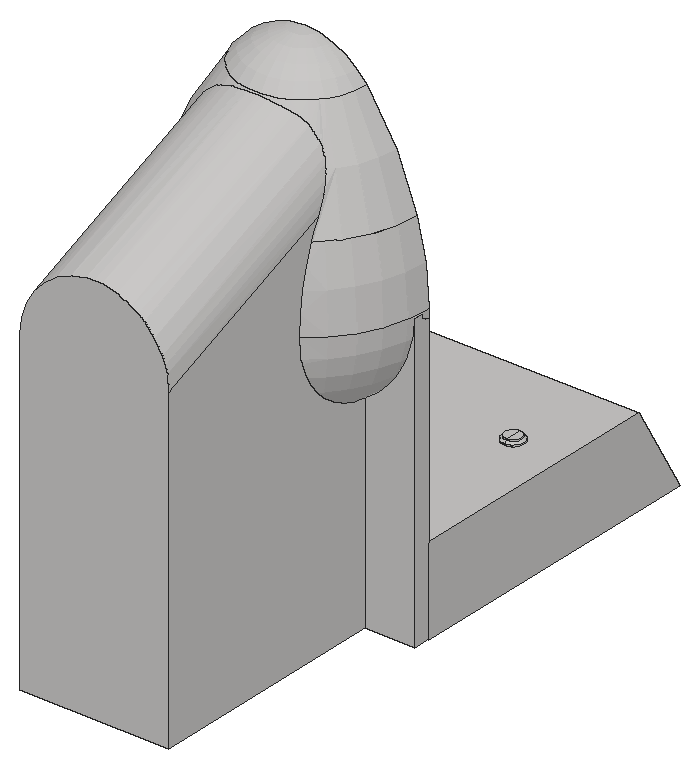
Revit family "LR1680-T-2", category Plumbing Fixtures, host Face, Revit 2018
Family settings
  Host = Face
  Round Connector Dimension = Use Diameter
  Part Type = Normal
  OmniClass Number = 23.45.05.21.11.11
  OmniClass Title = Water Operated Water Closets
  Cut with Voids When Loaded = No
  Shared = Yes
  Room Calculation Point = No
Parameters (values of type "LR1680-T-2")
  Width = 14 1/4"  # constant formula
  Waste Connection = yes
  Warranty Documentation Link = "www.acorneng.com/terms-and-conditions"
  WO3B - 3" Bell Waste Outlet w/ Std. 2-3/8" Trap = no
  WFU = 10
  W - Wall (Concealed) = no
  Voltage = 0
  Vent Connection = no
  VAC - AcornVac System = no
  URL = "www.acorneng.com"
  Type Comments = ""
  Tempered Water Connection = no
  TWE - Toilet Waste Extension (3" Standard) (Specify Length Beyond Fixture) = no
  TSC - Toilet Shipping Cover = no
  TG - Twelve Gage Housing = no
  TF Transformer, 120VAC to 24VAC (-MVCFV option) = no
  T - Top (Exposed) = yes
  SW - Wall Sleeve = no
  Product Page URL = "https://www.acorneng.com/lig-res-siphon-jet-ss-toilet-lr1680-series"
  Product Documentation Link = "https://www.acorneng.com/uploads/fileLibrary/LR1680.pdf"
  PC Pinned Cleanout Plug (For -CO1 Options above) = no
  Model = "LR1680-T-2"  # constant formula
  Material = Metal Acorn 304 Stainless Steel
  Manufacturer = "Acorn"  # constant formula
  MVCFV - Time-Trol Electronic FV (N/A for Top Supply) = no
  MTPPFV - Master-Trol® PLUS Electronic Flush Valve w/ Piezo Button (N/A for Top Supply) = no
  MTPFV - Master-Trol® PLUS Electronic Flush Valve (N/A for Top Supply) = no
  MT - Metal Template (Only 1 Required Per Project) = no
  Length = 29"  # constant formula
  LR1680 -  Ligature Resistant Siphon Jet Toilet = yes
  Installation Type = "Wall Mounted"  # constant formula
  Inlet Diameter Connection = 1 1/2"
  HWFU = 0
  HW Connection = yes
  HPS - High Polish Integral Seat = no
  GW - Gasket Waste (Standard on-FM but Optinoal on-RM) = no
  FVT - Flush Valve Thru Wall Connection = no
  FVH - Flush Valve, Hydraulic (N/A for Top Supply) = no
  FVBO - Flush Valve by Others = no
  FV - Flush Valve, Mechanical (N/A for Top Supply, Accessory Options or ADA) = no
  FTE - Flood-Trol, Electronic = no
  FTA - Flood-Trol Auto-Reset (N/A for Top Supply) = no
  FT - Flood-Trol (N/A for Top Supply) = no
  EVSPFV - Master-trol Electronic Flush Valve w/ Piezo Pushbutton (N/A for Top Supply) = no
  EVSFV - Master-Trol Flush Valve (N/A for Top Supply) = no
  EGE -  Enviro-Glaze Color Specify Toilet Exterior Only = no
  EG -  Enviro-Glaze Color Specify Toilet Interior & Exterior = no
  Description = "Ligature Resistant Siphon Jet Toilet- On The Floor"
  Default Elevation = 15"
  Creation Date = "4/02/20"  # constant formula
  Connection Size = 2 3/8"
  CWFU = 10
  CW Connection = yes
  COH - Cleanout Hook Assembly = no
  CO1-3 Cleanout w/ O-Ring Connecting to No-Hub 3” (Plain End Only) = no
  CO1 - Cleanout w/ O-Ring Connecting to No-Hub 4" (Plain End Only) = no
  Assembly Code = "D2010110"
  Amperage = 0
  ADA - 18" Integral Seat Height = no
  2 On-Floor, Wall Outlet = yes
  1.6 GPF (Not Available in California) = no
  1.28 GPF (HET) = no
Reference planes (in)
  plane 1 "Center (Front/Back)": y = 0
  plane 2: z = 0
  plane 3 "Center (Left/Right)": x = 0
  plane 4: y = -15
  plane 5: x = 0
  plane 6: z = 29
  plane 7: x = 7.125
  plane 8: x = -7.125
  plane 9: y = -1
  plane 10: z = -2.75
  plane 11: z = 2.75
  plane 12: z = 5
  plane 13: y = 17.875
  plane 14: y = 15
  plane 15: y = 9.60984
  plane 16: y = 3.75
  plane 17: y = -9.5
  plane 18: z = 0.03125
  plane 19: y = 11.5
  plane 20: x = 4.75
  plane 21: through (0, -15, 22.4608) normal (0, 0.3746, -0.9272)
  plane 22: x = 4.25
Forms (in)
  Revolve 1, solid, material "Metal Acorn 304 Stainless Steel" <- "Material"
    sketch origin (0, 0, 5.22285) x (0, 0, 1) y (1, 0, 0)
      loop
        arc (23.77518, 0) -> (23.24235, 1.99002) -> (21.9104, 3.56163) r 4.70501
        arc (21.9104, 3.56163) -> (19.20724, 5.25341) -> (16.25005, 6.44679) r 18.17867
        arc (16.25005, 6.44679) -> (14.01185, 6.95256) -> (11.72371, 7.125) r 15.62236
        arc (11.72371, 7.125) -> (8.08494, 5.94665) -> (5.83826, 2.85123) r 6.17476
        line (5.83826, 2.85123) -> (5.83826, 0) -> (23.77518, 0)
      axis (23.77518, 0) -> (5.83826, 0)
    angle from 0 to 180
  Blend 2, solid, material "Metal Acorn 304 Stainless Steel" <- "Material"
    base sketch origin (0, 0, 5.22285) x (0, 0, 1) y (1, 0, 0)
      loop
        line (18.64113, 4.25308) -> (-5.22285, 4.25308) -> (-5.22285, -4.25308) -> (18.64113, -4.25308)
        arc (18.64113, -4.25308) -> (22.89421, 0) -> (18.64113, 4.25308) r 4.25308
    top sketch origin (0, 0, 5.22285) x (0, 0, 1) y (1, 0, 0)
      loop
        line (12.98488, 4.25308) -> (-5.22285, 4.25308) -> (-5.22285, -4.25308) -> (12.98488, -4.25308)
        arc (12.98488, -4.25308) -> (17.23796, 0) -> (12.98488, 4.25308) r 4.25308
    from -1 to -15
  Revolve 3, void
    sketch origin (0, 0, 0) x (1, 0, 0) y (0, 0, 1)
      loop
        arc (1.65286, 26.13963) -> (0.96864, 26.90371) -> (0, 27.24091) r 2.05081
        line (0, 27.24091) -> (0, 13.45189)
        arc (0, 13.45189) -> (2.33411, 14.04523) -> (3.95651, 15.8251) r 4.192
        arc (3.95651, 15.8251) -> (4.49156, 17.85334) -> (4.23669, 19.93543) r 5.55736
        arc (4.23669, 19.93543) -> (3.07351, 23.09114) -> (1.65286, 26.13963) r 40.55651
      axis (0, 13.45189) -> (0, 27.24091)
    angle from 0 to 360
  Extrusion 4, solid, material "Metal Acorn 304 Stainless Steel" <- "Material"
    sketch origin (-14.37107, -32.5, 1.94576) x (1, 0, 0) y (0, 0, -1)
      loop
        line (7.25633, 1.94576) -> (7.25633, -14.9902) -> (7.29175, -14.9902)
        arc (7.29175, -14.9902) -> (14.33351, -9.25679) -> (21.43313, -14.9184) r 7.23626
        line (21.43313, -14.9184) -> (21.47799, -14.9184) -> (21.47799, 1.94576) -> (7.25633, 1.94576)
    from 31.5 to 32.5
  Extrusion 5, solid, material "Metal Acorn 304 Stainless Steel" <- "Material", visible <- "W - Wall (Concealed)"
    sketch origin (0, 0, 0) x (0, 1, 0) y (0, 0, 1)
      loop
        line (0, 3.7499) -> (0, 0) -> (3.7499, 0) -> (0, 3.7499)
    from -7.125 to 7.125
  Revolve 6, solid, material "Metal Acorn 304 Stainless Steel" <- "Material"
    sketch origin (0, 0, -0.125) x (0, 1, 0) y (0, 0, 1)
      loop
        line (0.40854, 2.875) -> (0, 2.875) -> (0, 1.875) -> (0.22395, 1.875) -> (0.22395, 2.04586) -> (0.28612, 2.04586) -> (0.28612, 2.29586) -> (0.40854, 2.29586) -> (0.40854, 2.875)
      axis (0.40854, 2.875) -> (0, 2.875)
    angle from 0 to 360
  Extrusion 7, solid, material "Metal Acorn 304 Stainless Steel" <- "Material", visible <- "T - Top (Exposed)"
    sketch origin (0, 0, 0) x (0, 1, 0) y (0, 0, 1)
      loop
        line (0, 0) -> (17.88675, 0) -> (15, 5) -> (0, 5) -> (0, 0)
    from -7.125 to 7.125
  Revolve 8, solid, material "Metal Acorn 304 Stainless Steel" <- "Material", visible <- "T - Top (Exposed)"
    sketch origin (4.25, 6.70099, 3.05319) x (0, 1, 0) y (0, 0, 1)
      loop
        line (2.90884, 2.19681) -> (2.90884, 1.94681) -> (3.53188, 1.94681) -> (3.53188, 2.00905) -> (3.3774, 2.14588) -> (3.3774, 2.19681) -> (2.90884, 2.19681)
      axis (2.90884, 2.19681) -> (2.90884, 1.94681)
    angle from 0 to 360
  Extrusion 9, solid, not visible
    sketch origin (0, 0, 0) x (1, 0, 0) y (0, 1, 0)
      loop
        circle (0, -9.5) r 1.1875
    from 0 to 0.03125
  Extrusion 10, solid, not visible
    sketch origin (0, 0, 0) x (1, 0, 0) y (0, 1, 0)
      loop
        circle (4.75, 11.5) r 0.5
    from 0 to 0.03125
Cuts and joins
  Revolve 3 cuts Revolve 1
  Revolve 3 cuts Blend 2
  joined: Revolve 1, Blend 2, Extrusion 4
  joined: Extrusion 7, Revolve 8
Lines and regions (in)
  Masking region 1
    outline origin (-14.37107, -32.5, 1.94576) x (1, 0, 0) y (0, 0, -1)
      loop
        line (21.47799, -14.22223) -> (21.47799, 1.94576) -> (7.25633, 1.94576) -> (7.25633, -15.5408)
        arc (7.25633, -15.5408) -> (7.46084, -17.55566) -> (7.92428, -19.52714) r 15.62236
        arc (7.92428, -19.52714) -> (9.11766, -22.48433) -> (10.80943, -25.18748) r 18.17867
        arc (10.80943, -25.18748) -> (12.38105, -26.51944) -> (14.37107, -27.05227) r 4.70501
        arc (14.37107, -27.05227) -> (16.36109, -26.51944) -> (17.9327, -25.18748) r 4.70501
        arc (17.9327, -25.18748) -> (19.62448, -22.48433) -> (20.81786, -19.52714) r 18.17867
        arc (20.81786, -19.52714) -> (21.37652, -16.90313) -> (21.47799, -14.22223) r 15.62236
  symbolic lines, detail levels medium+fine
    curve 1: arc (4.23669, -32.5, 19.93543) -> (3.07351, -32.5, 23.09114) -> (1.65286, -32.5, 26.13963) r 40.55651
    curve 2: arc (1.65286, -32.5, 26.13963) -> (0.96864, -32.5, 26.90371) -> (0, -32.5, 27.24091) r 2.05081
    curve 3: arc (0, -32.5, 27.24091) -> (-0.96864, -32.5, 26.90371) -> (-1.65286, -32.5, 26.13963) r 2.05081
    curve 4: arc (-1.65286, -32.5, 26.13963) -> (-3.07351, -32.5, 23.09114) -> (-4.23669, -32.5, 19.93543) r 40.55651
    curve 5: arc (-4.23669, -32.5, 19.93543) -> (-4.49156, -32.5, 17.85334) -> (-3.95651, -32.5, 15.8251) r 5.55736
    curve 6: arc (-3.95651, -32.5, 15.8251) -> (-2.33411, -32.5, 14.04523) -> (0, -32.5, 13.45189) r 4.192
    curve 7: arc (0, -32.5, 13.45189) -> (2.33411, -32.5, 14.04523) -> (3.95651, -32.5, 15.8251) r 4.192
    curve 8: arc (3.95651, -32.5, 15.8251) -> (4.49156, -32.5, 17.85334) -> (4.23669, -32.5, 19.93543) r 5.55736
  symbolic lines, visible <- "T - Top (Exposed)", detail levels medium+fine
    curve 9: line (7.125, -32.5, 5) -> (-7.125, -32.5, 5)
  symbolic lines, visible <- "W - Wall (Concealed)", detail levels medium+fine
    curve 10: line (7.125, -32.5, 3.7499) -> (-7.125, -32.5, 3.7499)
Dimensions and locks (in)
  Revolve 1 to plane 4 = 15"
  equal spacing: plane 7, plane 3 "Center (Left/Right)", plane 8
  plane 7 to plane 8 = 14 1/4"  (x2)
  locked: plane 13 to plane 1 "Center (Front/Back)" at 17.875
  locked: plane 14 to plane 1 "Center (Front/Back)" at 15
  locked: plane 12 to host face at 5
  plane 16 to plane 4 = 18 3/4"
  locked: plane 18 to host face at 0.03125
  plane 4 to plane 19 = 26 1/2"
  plane 3 "Center (Left/Right)" to plane 20 = 4 3/4"
  locked: plane 3 "Center (Left/Right)" to plane 22 at 4.25
  plane 17 to cut or joined group of Revolve 1, Blend 2, Revolve 3, Extrusion 4 = 5 1/2"
  plane 19 to plane 1 "Center (Front/Back)" = 11 1/2"
  plane 6 to host face = 29"  (x2)
  angle Extrusion 7 sketch curve to Extrusion 7 sketch curve = 60.00°
  angle plane 4 to plane 21 = 68.00°
  aligned and locked: plane 2 to host face
  aligned and locked: level to host face
  aligned and locked: plane 5 to Revolve 1 sketch curve  (x2)
  aligned and locked: plane 9 to Blend 2
  aligned and locked: Extrusion 4 to plane 1 "Center (Front/Back)"
  aligned and locked: Extrusion 4 to cut or joined group of Revolve 1, Blend 2, Revolve 3, Extrusion 4
  aligned and locked: plane 12 to Extrusion 7 sketch curve
  aligned and locked: Extrusion 7 sketch curve to plane 1 "Center (Front/Back)"
  aligned and locked: plane 14 to Extrusion 7 sketch curve
  aligned and locked: host face to Extrusion 7 sketch curve
  aligned and locked: plane 3 "Center (Left/Right)" to Revolve 6
  aligned and locked: cut or joined group of Revolve 1, Blend 2, Revolve 3, Extrusion 4 to Masking region 1 sketch curve
  aligned and locked: Masking region 1 sketch curve to cut or joined group of Revolve 1, Blend 2, Revolve 3, Extrusion 4
  aligned and locked: host face to Masking region 1 sketch curve
  aligned and locked: plane 18 to Extrusion 9
  aligned and locked: plane 18 to Extrusion 10
  aligned and locked: plane 22 to cut or joined group of Extrusion 7, Revolve 8
Automatic sketch dimensions
  host sketch curve to host sketch curve = 96"  (x2)
  Revolve 1 sketch curve to plane 7 = 0"  (x2)
  Revolve 1 sketch curve to plane 11 = 8.31111"
  Revolve 1 sketch curve to plane 8 = 3.81766"
  Revolve 1 sketch curve to Revolve 1 sketch curve = 5.11361"
  Revolve 1 sketch curve to plane 8 = 1.37234"
  Revolve 1 sketch curve to Revolve 1 sketch curve = 0.74503"
  plane 3 "Center (Left/Right)" to Revolve 1 sketch curve = 0.95025"
  Revolve 1 sketch curve to Revolve 1 sketch curve = 5.87486"
  Revolve 1 sketch curve to plane 3 "Center (Left/Right)" = 0.19237"
  Revolve 1 sketch curve to plane 6 = 4.70305"
  Revolve 1 sketch curve to plane 6 = 0.00197"
  Revolve 1 sketch curve to Revolve 1 sketch curve = 0"
  plane 6 to Revolve 1 sketch curve = 2.23409"
  Revolve 1 sketch curve to Revolve 1 sketch curve = 2.07495"
  Revolve 3 sketch curve to plane 3 "Center (Left/Right)" = 0"  (x2)
  Revolve 3 sketch curve to plane 3 "Center (Left/Right)" = 0.1685"
  Revolve 3 sketch curve to plane 3 "Center (Left/Right)" = 1.05293"
  Revolve 3 sketch curve to plane 11 = 4.7489"
  Revolve 3 sketch curve to plane 8 = 27.24094"
  plane 3 "Center (Left/Right)" to Revolve 3 sketch curve = 0.17781"
  Revolve 3 sketch curve to plane 11 = 10.70189"
  Revolve 3 sketch curve to Revolve 3 sketch curve = 4.18823"
  Revolve 3 sketch curve to Revolve 3 sketch curve = 0.59116"
  Revolve 3 sketch curve to plane 6 = 3.80297"
  Revolve 3 sketch curve to plane 6 = 1.75909"
  Revolve 3 sketch curve to Revolve 3 sketch curve = 0"  (x2)
  plane 6 to Revolve 3 sketch curve = 1"
  Revolve 3 sketch curve to Revolve 3 sketch curve = 1"
  Extrusion 5 sketch curve to plane 1 "Center (Front/Back)" = 0"
  Extrusion 5 sketch curve to level = 0"
  Revolve 6 sketch curve to plane 1 "Center (Front/Back)" = 0"
  plane 11 to Revolve 6 sketch curve = 0"  (x2)
  Revolve 6 sketch curve to plane 1 "Center (Front/Back)" = 0.22395"
  Revolve 6 sketch curve to Revolve 6 sketch curve = 0.06217"
  Revolve 6 sketch curve to Revolve 6 sketch curve = 0.12242"
  plane 11 to Revolve 6 sketch curve = 0.57914"
  Revolve 6 sketch curve to Revolve 6 sketch curve = 1/4"
  Revolve 6 sketch curve to Revolve 6 sketch curve = 0.17086"
  Revolve 6 sketch curve to Revolve 6 sketch curve = 0.1698"
  Revolve 6 sketch curve to Revolve 6 sketch curve = 1 1/4"
  Extrusion 4 sketch curve to plane 7 = 0.01808"
  plane 8 to Extrusion 4 sketch curve = 0.04568"
  Extrusion 4 sketch curve to plane 3 "Center (Left/Right)" = 0.00081"
  Extrusion 4 sketch curve to plane 7 = 0.06293"
  Extrusion 4 sketch curve to plane 6 = 12.13584"
  Extrusion 4 sketch curve to Extrusion 4 sketch curve = 0.0718"
  plane 8 to Extrusion 4 sketch curve = 0.01026"
  Extrusion 4 sketch curve to level = 0"
  Masking region 1 sketch curve to plane 6 = 11.51344"
  plane 7 to Masking region 1 sketch curve = 1.37234"
  Masking region 1 sketch curve to Masking region 1 sketch curve = 0.75176"
  plane 8 to Masking region 1 sketch curve = 0.67821"
  Masking region 1 sketch curve to plane 8 = 1.37234"
  Masking region 1 sketch curve to Masking region 1 sketch curve = 0.5668"
  Masking region 1 sketch curve to plane 7 = 0.67821"
  Masking region 1 sketch curve to Masking region 1 sketch curve = 2 57/128"
  plane 3 "Center (Left/Right)" to Masking region 1 sketch curve = 3.56163"
  Masking region 1 sketch curve to Masking region 1 sketch curve = 0"  (x4)
  Masking region 1 sketch curve to plane 3 "Center (Left/Right)" = 0"
  Masking region 1 sketch curve to plane 3 "Center (Left/Right)" = 0.19237"
  plane 3 "Center (Left/Right)" to Masking region 1 sketch curve = 0.19237"
  Masking region 1 sketch curve to plane 6 = 1.86676"
  Masking region 1 sketch curve to Masking region 1 sketch curve = 3.83574"
  plane 16 to Extrusion 5 sketch curve = 0.0001"
  Extrusion 5 sketch curve to plane 11 = 0.9999"
  curve 9 to plane 8 = 0"
  curve 10 to plane 8 = 0"
  curve 7 to plane 3 "Center (Left/Right)" = 0"
  curve 3 to plane 3 "Center (Left/Right)" = 0"
  curve 10 to plane 7 = 0"
  curve 9 to plane 7 = 0"
  curve 1 to plane 11 = 4.7489"
  curve 1 to plane 8 = 27.24094"
  curve 8 to plane 3 "Center (Left/Right)" = 1.05293"
  curve 6 to plane 3 "Center (Left/Right)" = 0.17781"
  curve 2 to plane 3 "Center (Left/Right)" = 0.1685"
  plane 3 "Center (Left/Right)" to curve 3 = 0.1685"
  plane 3 "Center (Left/Right)" to curve 7 = 0.17781"
  plane 3 "Center (Left/Right)" to curve 5 = 1.05293"
  curve 4 to plane 11 = 4.7489"
  plane 7 to curve 4 = 27.24094"
  curve 7 to plane 6 = 11.35988"
  curve 6 to curve 7 = 0"
  curve 8 to curve 6 = 0.59116"
  curve 5 to curve 7 = 0.59116"
  curve 3 to plane 6 = 3.80297"
  curve 2 to curve 3 = 0"
  plane 8 to curve 4 = 2.88831"
  curve 5 to curve 4 = 0"
  curve 6 to curve 5 = 0"
  curve 3 to curve 4 = 0"
  curve 1 to curve 2 = 0"
  curve 8 to curve 7 = 0"
  curve 9 to plane 11 = 2 1/4"
  curve 10 to plane 11 = 0.9999"
  Extrusion 9 sketch curve to plane 3 "Center (Left/Right)" = 0"
  plane 17 to Extrusion 9 sketch curve = 0"
  plane 19 to Extrusion 10 sketch curve = 0"
  Extrusion 10 sketch curve to plane 20 = 0"
  Blend 2 sketch curve to level = 0"  (x2)
  Blend 2 sketch curve to plane 3 "Center (Left/Right)" = 0"  (x2)
  plane 8 to Blend 2 sketch curve = 2.87192"  (x2)
  Blend 2 sketch curve to plane 6 = 5.13602"
  Blend 2 sketch curve to plane 6 = 10.79227"
  Revolve 8 sketch curve to plane 15 = 0"  (x2)
  plane 15 to Revolve 8 sketch curve = 0.46856"
  Revolve 8 sketch curve to Revolve 8 sketch curve = 0.15447"
  Revolve 8 sketch curve to plane 11 = 2 1/4"
  Revolve 8 sketch curve to Revolve 8 sketch curve = 0.06224"
  Revolve 8 sketch curve to Revolve 8 sketch curve = 0.13683"
  Revolve 8 sketch curve to Revolve 8 sketch curve = 0.05093"
  Revolve 8 sketch curve to Revolve 8 sketch curve = 0.32834"
  Revolve 8 sketch curve to Revolve 8 sketch curve = 1 1/4"
  radius of Extrusion 9 sketch curve = 1 3/16"
  radius of Extrusion 10 sketch curve = 1/2"
Connectors (in)
  piping at (0, -9.5, 0), diameter 2.375, driven by "WFU", driven by "Connection Size"
    settings: on Extrusion 9, index 1, connector inside diameter 24", connector length 0", flow factor 0, pipe flow 0 GPM, pressure drop 0.00 psi, fitting loss kfactor 0, connector angle 0.00°, fixture units 10, engagement length 0", angle of deflection 0.00°, flow configuration 3, flow direction 2, fitting loss method 0, system type 16, joint type 0, gender type 0, connector reference index -1, connector utility 0, adjustable connector yes, is connector primary yes, connector description "2 3/8\" OD Connection Waste Outlet"
  piping at (4.75, 11.5, 0), diameter 1.5, driven by "CWFU", driven by "Inlet Diameter Connection"
    settings: on Extrusion 10, index 2, connector inside diameter 24", connector length 0", flow factor 0, pipe flow 0 GPM, pressure drop 0.00 psi, fitting loss kfactor 0, connector angle 0.00°, fixture units 10, engagement length 0", angle of deflection 0.00°, flow configuration 3, flow direction 1, fitting loss method 0, system type 20, joint type 0, gender type 0, connector reference index -1, connector utility 0, adjustable connector no, is connector primary no, connector description "1-1/2” NPT Flushing Inlet Connection"
